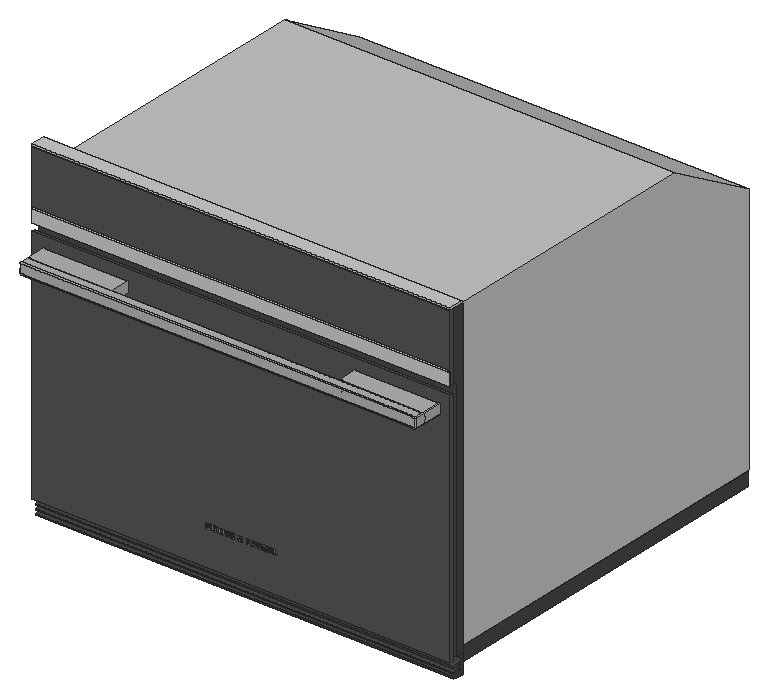
Revit family "FP_Revit_18_OS60NDB1_w_TK480NDB1_Steam_Oven_w_60cm_Trimkit_90000817A", category Specialty Equipment, Revit 2018
Family settings
  Round Connector Dimension = Use Diameter
  Part Type = Normal
  OmniClass Number = 23.40.40.14.17.31
  OmniClass Title = Small Specialized Cooking Equipment
  Work Plane-Based = No
  Always vertical = Yes
  Cut with Voids When Loaded = Yes
  Shared = No
  Room Calculation Point = No
Parameters (values of type "OS60NDB1 + TK480NDB1")
  Visibility - Clearance Required = yes
  URL = "www.fisherpaykel.com"
  Product - Width = 596 mm  # constant formula
  Product - Height = 478 mm  # constant formula
  Product - Depth = 614 mm  # constant formula
  Model = "OS60NDB1 + TK480NDB1"
  Material - Trim = Fisher & Paykel - Stainless Steel
  Material - Structure = Fisher & Paykel - Black
  Material - Handle = Fisher & Paykel - Aluminium
  Material - Glass = Fisher & Paykel - Glass, Black
  Material - Body = Fisher & Paykel - Grey
  Manufacturer = "Fisher & Paykel Appliances"
  FFL Offset [instance] = 900 mm
  Description = "60cm Steam Oven + 60cm Trimkit"
  Connector Description - Electrical = "220-240 V, 50 Hz, 14.5 A"
  Chassis - Width = 560 mm  # constant formula
  Chassis - Height = 466 mm  # constant formula
  Chassis - Depth = 542 mm  # constant formula
  Cavity - Width = 560 mm  # constant formula
  Cavity - Height = 480 mm  # constant formula
  Cavity - Depth = 560 mm  # constant formula
Reference planes
  plane 1 "Datum": y = 0
  plane 2: z = 0
  plane 3 "Center (Left/Right)": x = 0
  plane 4: z = 1380
  plane 5: z = 1378
  plane 6 "Product LHS": x = -298
  plane 7 "Product RHS": x = 298
  plane 8 "Product - Depth": y = 0
  plane 9 "Cavity LHS": x = -300
  plane 10 "Cavity RHS": x = 300
  plane 11 "Cavity - Depth": y = 560
  plane 12 "Chassis - Height": z = 0
  plane 13 "Product Depth": y = 542
  plane 14 "FFL Offset": z = 900
  plane 15 "Front": y = -22
Forms (mm)
  Extrusion 1, void
    sketch origin (0, 0, 0) x (0, 1, 0) y (0, 0, 1)
      loop
        line (-22, 1380) -> (-22, 900) -> (0, 900) -> (0, 1380) -> (-22, 1380)
    from -300 to 300
  Extrusion 2, void
    sketch origin (0, 0, 0) x (0, 1, 0) y (0, 0, 1)
      loop
        line (560, 1380) -> (0, 1380) -> (0, 900) -> (560, 900) -> (560, 1380)
    from -280 to 280
Text (mm)
  text "Due to ongoing product development, product details are subject to change without notice. \nPlease always refer to www.fisherpaykel.com for the most current product information. \n© Fisher & Paykel 2020" at (41.04, -413.295, 0), in view "Ref. Level (Plan)"
Dimensions and locks
  equal spacing: plane 6 "Product LHS", plane 3 "Center (Left/Right)", plane 7 "Product RHS"
  "Product - Width": plane 6 "Product LHS" to plane 7 "Product RHS"
  equal spacing: plane 9 "Cavity LHS", plane 3 "Center (Left/Right)", plane 10 "Cavity RHS"
  locked: plane 9 "Cavity LHS" to plane 10 "Cavity RHS" at 600
  "Chassis - Depth": plane 1 "Datum" to plane 13 "Product Depth"
  "FFL Offset": plane 14 "FFL Offset" to level
  "Cavity - Depth": plane 1 "Datum" to plane 11 "Cavity - Depth"
  "Product - Height": plane 5 to plane 14 "FFL Offset"
  "Cavity - Height": plane 4 to plane 14 "FFL Offset"
  "Cavity - Width": Extrusion 2 to Extrusion 2
  aligned and locked: level to plane 2
  aligned and locked: nested 2 to plane 8 "Product - Depth"
  aligned and locked: Extrusion 1 sketch curve to plane 8 "Product - Depth"
  aligned and locked: plane 14 "FFL Offset" to Extrusion 1 sketch curve
  aligned and locked: Extrusion 1 sketch curve to plane 4
  aligned and locked: Extrusion 1 to plane 10 "Cavity RHS"
  aligned and locked: plane 9 "Cavity LHS" to Extrusion 1
  aligned and locked: Extrusion 2 sketch curve to plane 8 "Product - Depth"
  aligned and locked: Extrusion 2 sketch curve to plane 14 "FFL Offset"
  aligned and locked: plane 11 "Cavity - Depth" to Extrusion 2 sketch curve
  aligned and locked: Extrusion 2 sketch curve to nested 2
  aligned and locked: Extrusion 1 to nested 1
  aligned and locked: plane 15 "Front" to Extrusion 1
Automatic sketch dimensions
  Extrusion 1 sketch curve to Extrusion 1 sketch curve = 22 mm
Nested families
  nested 1: "FP_Revit_18_OS60NDB1_Steam_Oven_90000817A" at (0, 0, 20), FFL Offset <- "FFL Offset", type "OM60NDB1"
    with FFL Offset 900 mm
  nested 2: "FP_Revit_18_TK480ND_Trimkits_90001188A" at (0, 0, 0), FFL Offset <- "FFL Offset", type "TK480NDB1"
    with FFL Offset 900 mm
Connectors
  electrical at (-193.854, 548.619, 959.454), driven by "Connector Description - Electrical"
    settings: on nested 1, index 1, voltage 230 V, apparent load 0 VA, apparent load phase1 0 VA, apparent load phase2 0 VA, apparent load phase3 0 VA, power factor 1, load classification "Other", number of poles 1, system type 30, power factor state 1, is connector primary yes, connector utility no, sub classification motor no, connector description "220-240 V, 50 Hz, 14.5 A"
Definition of nested family "FP_Revit_18_OS60NDB1_Steam_Oven_90000817A"
  Parameters (values of type "OS60NDBB1")
    Visibility - Clearance Required = yes
    URL = "www.fisherpaykel.com"
    Product - Width = 596 mm  # constant formula
    Product - Height = 458 mm  # constant formula
    Product - Depth = 562 mm  # constant formula
    Model = "OS60NDBB1"
    Material - Trim = none
    Material - Structure = none
    Material - Handle = none
    Material - Glass = none
    Material - Body = none
    Manufacturer = "Fisher & Paykel Appliances"
    FFL Offset [instance] = 900 mm
    Description = "60cm Steam Oven"
    Connector Description - Electrical = "220-240 V, 50 Hz, 14.5 A"
    Chassis - Width = 556 mm  # constant formula
    Chassis - Height = 446 mm  # constant formula
    Chassis - Depth = 540 mm  # constant formula
    Cavity - Width = 600 mm  # constant formula
    Cavity - Height = 460 mm  # constant formula
    Cavity - Depth = 560 mm  # constant formula
  Types (4, lengths in mm): name | Model | Description
    OS60NDB1 | "OS60NDB1" | "60cm Steam Oven"
    OM60NDB1 | "OM60NDB1" | "60cm Microwave Oven"
    OM60NDBB1 | "OM60NDBB1" | "60cm Microwave Oven"
    OS60NDBB1 | "OS60NDBB1" | "60cm Steam Oven"
  Reference planes
    plane 1 "Center (Front/Back)": y = 0
    plane 2: z = 0
    plane 3 "Center (Left/Right)": x = 0
    plane 4: z = 1360
    plane 5: z = 1358
    plane 6 "Product LHS": x = -298
    plane 7 "Product RHS": x = 298
    plane 8 "Product - Depth": y = 0
    plane 9 "Cavity LHS": x = -300
    plane 10 "Cavity RHS": x = 300
    plane 11 "Cavity - Depth": y = 560
    plane 12 "Front Face": y = -22
    plane 13 "Chassis - Height": z = 0
    plane 14 "Product Depth": y = 540
    plane 15 "FFL Offset": z = 900
  Forms (mm)
    Extrusion 1, solid, material <- "Material - Body"
      sketch origin (0, 0, 0) x (0, 1, 0) y (0, 0, 1)
        loop
          line (0, 1346) -> (0, 907.28) -> (5.16, 907.28) -> (5.16, 900) -> (534.187, 900) -> (534.187, 1257.991) -> (403.295, 1336.64) -> (24.316, 1336.64) -> (8.71, 1346) -> (0, 1346)
      from -278 to 278
    Extrusion 2, solid, material <- "Material - Structure", detail levels fine
      sketch origin (0, 0, 0) x (0, 1, 0) y (0, 0, 1)
        loop
          line (0, 1353.9) -> (-2, 1353.9) -> (-2, 1355) -> (-18, 1355) -> (-18, 1258) -> (-9.89, 1258) -> (-9.89, 907.28) -> (0, 907.28) -> (0, 1353.9)
      from -298 to 298
    Extrusion 3, solid, material <- "Material - Trim", detail levels fine
      sketch origin (0, 0, 0) x (0, 1, 0) y (0, 0, 1)
        loop
          line (-22, 1358) -> (-22, 1355) -> (-2, 1355) -> (-2, 1358) -> (-22, 1358)
      from -298 to 298
    Extrusion 4, solid, material <- "Material - Glass", detail levels fine
      sketch origin (0, 0, 0) x (0, 1, 0) y (0, 0, 1)
        loop
          line (-18, 1355) -> (-20.262, 1355)
          arc (-20.262, 1355) -> (-21.236, 1354.682) -> (-22, 1354) r 2.5
          line (-22, 1354) -> (-22, 1258) -> (-18, 1258) -> (-18, 1355)
      from -298 to 298
    Extrusion 5, solid, material <- "Material - Glass", detail levels fine
      sketch origin (0, 0, 0) x (0, 1, 0) y (0, 0, 1)
        loop
          line (-22, 1246.53) -> (-22, 904.53) -> (-18, 904.53) -> (-18, 1246.53) -> (-22, 1246.53)
      from -298 to 298
    Extrusion 6, solid, material <- "Material - Structure", detail levels fine
      sketch origin (0, 0, 0) x (0, 1, 0) y (0, 0, 1)
        loop
          line (-18, 1229.33) -> (-18, 907.28) -> (-9.89, 907.28) -> (-9.89, 1229.33) -> (-18, 1229.33)
      from -278 to 278
    Extrusion 7, void
      sketch origin (0, 0, 0) x (1, 0, 0) y (0, 0, 1)
        loop
          line (-158.462, 1052.91) -> (-229.24, 1052.91)
          arc (-229.24, 1052.91) -> (-232.776, 1051.446) -> (-234.24, 1047.91) r 5
          line (-234.24, 1047.91) -> (-234.24, 955.13)
          arc (-234.24, 955.13) -> (-232.776, 951.594) -> (-229.24, 950.13) r 5
          line (-229.24, 950.13) -> (-158.462, 950.13)
          arc (-158.462, 950.13) -> (-154.926, 951.594) -> (-153.462, 955.13) r 5
          line (-153.462, 955.13) -> (-153.462, 1047.91)
          arc (-153.462, 1047.91) -> (-154.926, 1051.446) -> (-158.462, 1052.91) r 5
      from -539.6 to -521.6
    Sweep 8, void
      path in 3D
        loop
          arc (-153.462, 521.6, 955.13) -> (-154.926, 521.6, 951.594) -> (-158.462, 521.6, 950.13) r 5
          line (-158.462, 521.6, 950.13) -> (-229.24, 521.6, 950.13)
          arc (-229.24, 521.6, 950.13) -> (-232.776, 521.6, 951.594) -> (-234.24, 521.6, 955.13) r 5
          line (-234.24, 521.6, 955.13) -> (-234.24, 521.6, 1047.91)
          arc (-234.24, 521.6, 1047.91) -> (-232.776, 521.6, 1051.446) -> (-229.24, 521.6, 1052.91) r 5
          line (-229.24, 521.6, 1052.91) -> (-158.462, 521.6, 1052.91)
          arc (-158.462, 521.6, 1052.91) -> (-154.926, 521.6, 1051.446) -> (-153.462, 521.6, 1047.91) r 5
          line (-153.462, 521.6, 1047.91) -> (-153.462, 521.6, 955.13)
      profile origin (-153.462, 521.6, 1001.52) x (-1, 0, 0) y (0, -1, 0)
        loop
          line (0, 0) -> (-21.3, -12.587) -> (0, -12.587) -> (0, 0)
    Extrusion 9, solid, material <- "Material - Body", detail levels medium+fine
      sketch origin (0, 0, -100) x (1, 0, 0) y (0, 0, 1)
        loop
          line (-175.354, 1115.273) -> (-212.354, 1115.273) -> (-212.354, 1057.273) -> (-175.354, 1057.273) -> (-175.354, 1115.273)
      from -540 to -521.6
    Extrusion 10, solid, material <- "Material - Trim", detail levels fine
      sketch origin (0, 0, 0) x (0, 1, 0) y (0, 0, 1)
        loop
          line (-22, 1258) -> (-22, 1277.8) -> (-22.8, 1277.8) -> (-23.7, 1275.5) -> (-23.7, 1258) -> (-22, 1258)
      from -298 to 298
    Extrusion 11, solid, visible <- "Visibility - Clearance Required", detail levels coarse
      sketch origin (0, 0, 0) x (1, 0, 0) y (0, 1, 0)
        loop
          line (-280, 0) -> (280, 0) -> (280, 548.619) -> (-280, 548.619) -> (-280, 0)
      from 900 to 1360
    Extrusion 12, solid, visible <- "Visibility - Clearance Required", detail levels coarse
      sketch origin (0, 0, 0) x (0, 1, 0) y (0, 0, 1)
        loop
          arc (-22, 1246.53) -> (-241.159, 1161.206) -> (-341.563, 948.532) r 317.644
          line (-341.563, 948.532) -> (-326.406, 946.445) -> (-332.106, 905.048) -> (-316.871, 902.951) -> (-311.171, 944.347) -> (-22, 904.53) -> (-22, 900) -> (0, 900) -> (0, 1360) -> (-22, 1360) -> (-22, 1246.53)
      from -300 to 300
    Sweep 13, solid, material <- "Material - Body", detail levels fine
      path origin (0, 0, -100) x (0, 1, 0) y (0, 0, 1)
        loop
          arc (530.8, 1057.273) -> (536.019, 1044.673) -> (548.619, 1039.454) r 17.819
      profile origin (0, 536.019, 944.673) x (0, 0.707107, 0.707107) y (1, 0, 0)
        loop
          circle (0, -193.854) r 5
    Extrusion 14, solid, material <- "Material - Glass", detail levels coarse+medium
      sketch origin (0, 0, 0) x (0, 1, 0) y (0, 0, 1)
        loop
          line (-22, 1358) -> (-22, 1258) -> (-9.89, 1258) -> (-9.89, 1229.33) -> (-18, 1229.33) -> (-18, 1246.53) -> (-22, 1246.53) -> (-22, 904.53) -> (-18, 904.53) -> (-18, 907.28) -> (0, 907.28) -> (0, 1353.9) -> (-2, 1353.9) -> (-2, 1358) -> (-22, 1358)
      from -298 to 298
    Extrusion 15, solid, material <- "Material - Body", not visible, detail levels medium+fine
      sketch origin (0, 0, 0) x (1, 0, 0) y (0, 0, 1)
        loop
          line (-175.354, 1115.273) -> (-212.354, 1115.273) -> (-212.354, 1057.273) -> (-175.354, 1057.273) -> (-175.354, 1115.273)
      from -540 to -521.6
    Sweep 16, solid, material <- "Material - Body", not visible, detail levels fine
      path origin (0, 0, 0) x (0, 1, 0) y (0, 0, 1)
        loop
          arc (530.8, 1057.273) -> (536.019, 1044.673) -> (548.619, 1039.454) r 17.819
      profile origin (0, 536.019, 1044.673) x (0, 0.707107, 0.707107) y (1, 0, 0)
        loop
          circle (0, -193.854) r 5
    Extrusion 17, void
      sketch origin (0, 0, 0) x (1, 0, 0) y (0, 1, 0)
        loop
          line (-280, 0) -> (280, 0) -> (280, 548.619) -> (-280, 548.619) -> (-280, 0)
      from 900 to 1360
    Extrusion 18, solid, visible <- "Visibility - Clearance Required", detail levels coarse
      sketch origin (0, 0, 0) x (0, 1, 0) y (0, 0, 1)
        loop
          arc (-22, 1246.53) -> (-241.159, 1161.206) -> (-341.563, 948.532) r 317.644
          line (-341.563, 948.532) -> (-326.406, 946.445) -> (-332.106, 905.048) -> (-316.871, 902.951) -> (-311.171, 944.347) -> (-22, 904.53) -> (-22, 900) -> (0, 900) -> (0, 1360) -> (-22, 1360) -> (-22, 1246.53)
      from -300 to 300
    Extrusion 19, void
      sketch origin (0, 0, 0) x (0, 1, 0) y (0, 0, 1)
        loop
          line (-22, 1360) -> (-22, 900) -> (0, 900) -> (0, 1360) -> (-22, 1360)
      from -300 to 300
  Cuts and joins
    Extrusion 7, Sweep 8 cuts Extrusion 1
    Extrusion 7 cuts Extrusion 2
    Extrusion 7 cuts Extrusion 5
    Extrusion 7 cuts Extrusion 6
  Lines and regions (mm)
    sketch lines
      curve 1: line (-153.462, 521.6, 1047.91) -> (-153.462, 521.6, 955.13)
      curve 2: arc (-153.462, 521.6, 1047.91) -> (-154.926, 521.6, 1051.446) -> (-158.462, 521.6, 1052.91) r 5
      curve 3: line (-229.24, 521.6, 1052.91) -> (-158.462, 521.6, 1052.91)
      curve 4: arc (-229.24, 521.6, 1052.91) -> (-232.776, 521.6, 1051.446) -> (-234.24, 521.6, 1047.91) r 5
      curve 5: line (-234.24, 521.6, 955.13) -> (-234.24, 521.6, 1047.91)
      curve 6: arc (-234.24, 521.6, 955.13) -> (-232.776, 521.6, 951.594) -> (-229.24, 521.6, 950.13) r 5
      curve 7: arc (-158.462, 521.6, 950.13) -> (-154.926, 521.6, 951.594) -> (-153.462, 521.6, 955.13) r 5
      curve 8: line (-158.462, 521.6, 950.13) -> (-229.24, 521.6, 950.13)
  Text (mm)
    text "Due to ongoing product development, product details are subject to change without notice. \nPlease always refer to www.fisherpaykel.com for the most current product information. \n© Fisher & Paykel 2020" at (41.04, -413.295, 0), in view "Ref. Level (Plan)"
  Dimensions and locks
    equal spacing: plane 6 "Product LHS", plane 3 "Center (Left/Right)", plane 7 "Product RHS"
    "Product - Width": plane 6 "Product LHS" to plane 7 "Product RHS"
    equal spacing: plane 9 "Cavity LHS", plane 3 "Center (Left/Right)", plane 10 "Cavity RHS"
    "Cavity - Width": plane 9 "Cavity LHS" to plane 10 "Cavity RHS"
    "Cavity - Depth": plane 11 "Cavity - Depth" to plane 1 "Center (Front/Back)"
    locked: plane 12 "Front Face" to plane 1 "Center (Front/Back)" at 22
    "Chassis - Depth": plane 1 "Center (Front/Back)" to plane 14 "Product Depth"
    Extrusion 1 sketch curve to plane 14 "Product Depth" = 5.813 mm
    equal spacing: cut or joined group of Extrusion 1, Extrusion 7, Sweep 8, plane 3 "Center (Left/Right)", cut or joined group of Extrusion 1, Extrusion 7, Sweep 8
    "Chassis - Width": cut or joined group of Extrusion 1, Extrusion 7, Sweep 8 to cut or joined group of Extrusion 1, Extrusion 7, Sweep 8
    "FFL Offset": plane 15 "FFL Offset" to level
    locked: nested 2 to plane 15 "FFL Offset" at 61.04
    locked: cut or joined group of Extrusion 1, Extrusion 7, Sweep 8 to plane 15 "FFL Offset" at 7.28
    locked: Extrusion 14 to plane 15 "FFL Offset" at 4.53
    locked: cut or joined group of Extrusion 1, Extrusion 7, Sweep 8 to plane 15 "FFL Offset" at 436.64
    "Chassis - Height": cut or joined group of Extrusion 1, Extrusion 7, Sweep 8 to plane 15 "FFL Offset"
    Extrusion 11 to plane 15 "FFL Offset" = 460 mm
    locked: plane 15 "FFL Offset" to Extrusion 9 at 57.273
    locked: plane 15 "FFL Offset" to cut or joined group of Extrusion 1, Extrusion 7, Sweep 8 at 50.13
    "Product - Height": plane 5 to plane 15 "FFL Offset"
    "Cavity - Height": plane 4 to plane 15 "FFL Offset"
    locked: nested 1 to plane 15 "FFL Offset" at 330.978
    locked: plane 5 to Extrusion 14 at 100
    locked: plane 5 to Extrusion 14 at 111.47
    locked: Extrusion 12 sketch curve to plane 15 "FFL Offset" at 4.53
    locked: plane 15 "FFL Offset" to Extrusion 7 sketch curve at 152.91
    locked: plane 15 "FFL Offset" to Extrusion 7 sketch curve at 50.13
    aligned and locked: level to plane 2
    aligned and locked: Extrusion 3 sketch curve to plane 5
    aligned and locked: plane 6 "Product LHS" to Extrusion 5
    aligned and locked: Extrusion 5 to plane 7 "Product RHS"
    aligned and locked: Extrusion 4 to plane 7 "Product RHS"
    aligned and locked: plane 6 "Product LHS" to Extrusion 4
    aligned and locked: plane 6 "Product LHS" to Extrusion 3
    aligned and locked: Extrusion 3 to plane 7 "Product RHS"
    aligned and locked: plane 6 "Product LHS" to Extrusion 2
    aligned and locked: Extrusion 2 to plane 7 "Product RHS"
    aligned and locked: plane 14 "Product Depth" to Extrusion 9
    aligned and locked: cut or joined group of Extrusion 1, Extrusion 7, Sweep 8 to Extrusion 9
    aligned and locked: Extrusion 10 to plane 7 "Product RHS"
    aligned and locked: plane 6 "Product LHS" to Extrusion 10
    aligned and locked: Extrusion 14 to plane 7 "Product RHS"
    aligned and locked: plane 6 "Product LHS" to Extrusion 14
    aligned and locked: Extrusion 1 to plane 15 "FFL Offset"
    aligned and locked: Extrusion 11 to cut or joined group of Extrusion 1, Extrusion 7, Sweep 8
    aligned and locked: Extrusion 14 to cut or joined group of Extrusion 1, Extrusion 7, Sweep 8
    aligned and locked: Extrusion 2 to cut or joined group of Extrusion 1, Extrusion 7, Sweep 8
    aligned and locked: Extrusion 6 to cut or joined group of Extrusion 1, Extrusion 7, Sweep 8
    aligned and locked: plane 5 to Extrusion 3
    aligned and locked: plane 5 to Extrusion 14
    aligned and locked: Extrusion 10 to Extrusion 4
    aligned and locked: Extrusion 14 to Extrusion 4
    aligned and locked: Extrusion 4 to cut or joined group of Extrusion 2, Extrusion 7
    aligned and locked: Extrusion 5 to Extrusion 14  (x2)
    aligned and locked: plane 4 to Extrusion 11
    aligned and locked: Extrusion 11 to Sweep 13
    aligned and locked: Extrusion 12 sketch curve to plane 15 "FFL Offset"
    aligned and locked: Extrusion 12 sketch curve to plane 4
    aligned and locked: plane 4 to Extrusion 17
    aligned and locked: Extrusion 17 to cut or joined group of Extrusion 1, Extrusion 7, Sweep 8
    aligned and locked: plane 15 "FFL Offset" to Extrusion 19 sketch curve
    aligned and locked: Extrusion 19 sketch curve to plane 4
  Automatic sketch dimensions
    Extrusion 9 sketch curve to Extrusion 9 sketch curve = 37 mm
    Extrusion 9 sketch curve to Extrusion 9 sketch curve = 58 mm
    Sweep 13 sketch curve to profile plane = 0 mm
    Sweep 13 sketch curve to Sweep 13 sketch curve = 17.819 mm
    Sweep 13 sketch curve to profile plane = 193.854 mm
    Extrusion 15 sketch curve to Extrusion 15 sketch curve = 37 mm
    Extrusion 15 sketch curve to Extrusion 15 sketch curve = 58 mm
    Sweep 16 sketch curve to profile plane = 0 mm
    Sweep 16 sketch curve to Sweep 16 sketch curve = 17.819 mm
    Sweep 16 sketch curve to profile plane = 193.854 mm
    Extrusion 1 sketch curve to plane 1 "Center (Front/Back)" = 0 mm
    Extrusion 1 sketch curve to plane 15 "FFL Offset" = 0 mm
    Extrusion 1 sketch curve to plane 1 "Center (Front/Back)" = 5.16 mm
    Extrusion 1 sketch curve to Extrusion 1 sketch curve = 8.71 mm
    Extrusion 1 sketch curve to Extrusion 1 sketch curve = 15.606 mm
    Extrusion 1 sketch curve to plane 5 = 21.36 mm
    Extrusion 1 sketch curve to plane 14 "Product Depth" = 136.705 mm
    Extrusion 1 sketch curve to Extrusion 1 sketch curve = 7.28 mm
    Extrusion 1 sketch curve to plane 5 = 100.009 mm
    Extrusion 1 sketch curve to plane 5 = 12 mm
    Extrusion 2 sketch curve to plane 1 "Center (Front/Back)" = 0 mm
    plane 1 "Center (Front/Back)" to Extrusion 2 sketch curve = 2 mm
    plane 1 "Center (Front/Back)" to Extrusion 2 sketch curve = 9.89 mm
    plane 12 "Front Face" to Extrusion 2 sketch curve = 4 mm
    plane 15 "FFL Offset" to Extrusion 2 sketch curve = 7.28 mm
    Extrusion 2 sketch curve to plane 5 = 100 mm
    Extrusion 2 sketch curve to plane 5 = 4.1 mm
    Extrusion 2 sketch curve to Extrusion 2 sketch curve = 1.1 mm
    Extrusion 3 sketch curve to plane 12 "Front Face" = 0 mm
    plane 1 "Center (Front/Back)" to Extrusion 3 sketch curve = 2 mm
    Extrusion 3 sketch curve to plane 5 = 3 mm
    Extrusion 4 sketch curve to plane 12 "Front Face" = 0 mm
    plane 12 "Front Face" to Extrusion 4 sketch curve = 1.738 mm
    plane 12 "Front Face" to Extrusion 4 sketch curve = 2.011 mm
    plane 12 "Front Face" to Extrusion 4 sketch curve = 4 mm
    Extrusion 4 sketch curve to plane 5 = 100 mm
    Extrusion 4 sketch curve to plane 5 = 5.485 mm
    Extrusion 4 sketch curve to Extrusion 4 sketch curve = 1.485 mm
    Extrusion 5 sketch curve to plane 12 "Front Face" = 0 mm
    plane 12 "Front Face" to Extrusion 5 sketch curve = 4 mm
    plane 15 "FFL Offset" to Extrusion 5 sketch curve = 4.53 mm
    Extrusion 5 sketch curve to plane 5 = 111.47 mm
    plane 12 "Front Face" to Extrusion 6 sketch curve = 4 mm
    Extrusion 6 sketch curve to Extrusion 6 sketch curve = 8.11 mm
    plane 15 "FFL Offset" to Extrusion 6 sketch curve = 7.28 mm
    Extrusion 6 sketch curve to plane 5 = 128.67 mm
    Extrusion 7 sketch curve to plane 6 "Product LHS" = 63.76 mm
    Extrusion 7 sketch curve to Extrusion 7 sketch curve = 5 mm  (x3)
    Extrusion 7 sketch curve to Extrusion 7 sketch curve = 70.778 mm  (x2)
    Sweep 8 sketch curve to profile plane = 0 mm  (x2)
    Sweep 8 sketch curve to profile plane = 21.3 mm
    profile plane to Sweep 8 sketch curve = 12.587 mm
    Extrusion 10 sketch curve to plane 12 "Front Face" = 0 mm
    Extrusion 10 sketch curve to Extrusion 10 sketch curve = 0.8 mm
    Extrusion 10 sketch curve to plane 12 "Front Face" = 1.7 mm
    Extrusion 10 sketch curve to plane 5 = 100 mm
    Extrusion 10 sketch curve to Extrusion 10 sketch curve = 17.5 mm
    Extrusion 10 sketch curve to Extrusion 10 sketch curve = 2.3 mm
    plane 1 "Center (Front/Back)" to Extrusion 11 sketch curve = 0 mm
    plane 14 "Product Depth" to Extrusion 11 sketch curve = 8.619 mm
    Extrusion 11 sketch curve to plane 6 "Product LHS" = 18 mm
    plane 7 "Product RHS" to Extrusion 11 sketch curve = 18 mm
    Extrusion 12 sketch curve to plane 12 "Front Face" = 0 mm  (x2)
    Extrusion 12 sketch curve to plane 1 "Center (Front/Back)" = 0 mm
    Extrusion 12 sketch curve to plane 12 "Front Face" = 2.526 mm
    plane 15 "FFL Offset" to Extrusion 12 sketch curve = 44.347 mm
    Extrusion 12 sketch curve to Extrusion 12 sketch curve = 286.644 mm
    plane 15 "FFL Offset" to Extrusion 12 sketch curve = 2.951 mm
    plane 15 "FFL Offset" to Extrusion 12 sketch curve = 46.445 mm
    Extrusion 12 sketch curve to Extrusion 12 sketch curve = 15.235 mm
    plane 15 "FFL Offset" to Extrusion 12 sketch curve = 48.532 mm
    Extrusion 12 sketch curve to Extrusion 12 sketch curve = 24.366 mm
    Extrusion 14 sketch curve to plane 5 = 0 mm
    Extrusion 14 sketch curve to plane 12 "Front Face" = 0 mm  (x2)
    Extrusion 14 sketch curve to plane 1 "Center (Front/Back)" = 0 mm
    plane 12 "Front Face" to Extrusion 14 sketch curve = 4 mm  (x2)
    plane 1 "Center (Front/Back)" to Extrusion 14 sketch curve = 9.89 mm
    plane 1 "Center (Front/Back)" to Extrusion 14 sketch curve = 2 mm
    Extrusion 14 sketch curve to plane 5 = 4.1 mm
    Extrusion 14 sketch curve to Extrusion 14 sketch curve = 95.9 mm
    Extrusion 14 sketch curve to Extrusion 14 sketch curve = 11.47 mm
    Extrusion 14 sketch curve to Extrusion 14 sketch curve = 17.2 mm
    plane 15 "FFL Offset" to Extrusion 14 sketch curve = 7.28 mm
    Extrusion 14 sketch curve to Extrusion 14 sketch curve = 2.75 mm
    plane 1 "Center (Front/Back)" to Extrusion 17 sketch curve = 0 mm
    plane 14 "Product Depth" to Extrusion 17 sketch curve = 8.619 mm
    Extrusion 17 sketch curve to plane 6 "Product LHS" = 18 mm
    plane 7 "Product RHS" to Extrusion 17 sketch curve = 18 mm
    Extrusion 18 sketch curve to plane 12 "Front Face" = 0 mm  (x2)
    Extrusion 18 sketch curve to plane 1 "Center (Front/Back)" = 0 mm
    Extrusion 18 sketch curve to plane 15 "FFL Offset" = 0 mm
    Extrusion 18 sketch curve to plane 4 = 0 mm
    Extrusion 18 sketch curve to plane 12 "Front Face" = 2.526 mm
    plane 15 "FFL Offset" to Extrusion 18 sketch curve = 44.347 mm
    Extrusion 18 sketch curve to Extrusion 18 sketch curve = 286.644 mm
    plane 15 "FFL Offset" to Extrusion 18 sketch curve = 2.951 mm
    Extrusion 18 sketch curve to Extrusion 18 sketch curve = 5.7 mm
    plane 15 "FFL Offset" to Extrusion 18 sketch curve = 46.445 mm
    Extrusion 18 sketch curve to Extrusion 18 sketch curve = 15.235 mm
    plane 15 "FFL Offset" to Extrusion 18 sketch curve = 48.532 mm
    Extrusion 18 sketch curve to Extrusion 18 sketch curve = 24.366 mm
    Extrusion 19 sketch curve to plane 12 "Front Face" = 0 mm
    Extrusion 19 sketch curve to plane 1 "Center (Front/Back)" = 0 mm
    radius of Sweep 13 sketch curve = 5 mm
    radius of Sweep 16 sketch curve = 5 mm
  Nested families
    nested 1: "F&P Handle Contemporary Square OB60-24" at (0, -22, 1223), type "Aluminium"
    nested 2: "F&P Logo 100mm" at (0, -22, 955), type "F&P Logo 100mm"
  Connectors
    electrical at (-193.854, 548.619, 939.454), driven by "Connector Description - Electrical"
      settings: on Sweep 13, index 1, voltage 120 V, apparent load 0 VA, apparent load phase1 0 VA, apparent load phase2 0 VA, apparent load phase3 0 VA, power factor 1, load classification none, number of poles 1, system type 30, power factor state 1, is connector primary yes, connector utility no, sub classification motor no, connector description "220-240 V, 50 Hz, 14.5 A"
  Definition of nested family "F&P Handle Contemporary Square OB60-24"
    Parameters (values of type "Aluminium Dark")
      URL = "www.fisherpaykel.com"
      Material - Handle = none
      Manufacturer = "Fisher & Paykel Appliances"
      Handle - Length = 565 mm
    Types (2): name
      Aluminium
      Aluminium Dark
    Reference planes
      plane 1 "Center (Front/Back)": y = 0
      plane 2: z = 0
      plane 3 "Center (Left/Right)": x = 0
      plane 4 "Product LHS": x = -282.5
      plane 5 "Product RHS": x = 282.5
      plane 6 "LHS Standoff": x = -162.495
      plane 7 "RHS Standoff": x = 162.505
    Forms (mm)
      Extrusion 1, solid, material <- "Material - Handle", detail levels fine
        sketch origin (0, 0, 0) x (0, 1, 0) y (0, 0, 1)
          loop
            arc (-28.701, 7.561) -> (-29.057, 7.868) -> (-29.514, 7.978) r 1
            line (-29.514, 7.978) -> (-40.5, 7.978)
            arc (-40.5, 7.978) -> (-41.561, 7.539) -> (-42, 6.478) r 1.5
            line (-42, 6.478) -> (-42, -6.522)
            arc (-42, -6.522) -> (-41.561, -7.583) -> (-40.5, -8.022) r 1.5
            line (-40.5, -8.022) -> (-29.487, -8.022)
            arc (-29.487, -8.022) -> (-29.029, -7.911) -> (-28.673, -7.602) r 1
            arc (-28.673, -7.602) -> (-26.256, -0.016) -> (-28.701, 7.561) r 13.038
        from -282.5 to 282.5
      Extrusion 2, solid, material <- "Material - Handle", detail levels fine
        sketch origin (0, 0, 0) x (0, 1, 0) y (0, 0, 1)
          loop
            arc (-28.23, 7.062) -> (-26.156, 0.008) -> (-28.198, -7.056) r 13.136
            arc (-28.198, -7.056) -> (-28.21, -7.463) -> (-27.86, -7.67) r 0.4
            line (-27.86, -7.67) -> (0, -7.67) -> (0, 7.678) -> (-27.893, 7.678)
            arc (-27.893, 7.678) -> (-28.244, 7.47) -> (-28.23, 7.062) r 0.4
        from 162.505 to 282.5
      Extrusion 3, solid, material <- "Material - Handle", detail levels fine
        sketch origin (0, 0, 0) x (0, 1, 0) y (0, 0, -1)
          loop
            arc (-28.23, -7.062) -> (-28.244, -7.47) -> (-27.893, -7.678) r 0.4
            line (-27.893, -7.678) -> (0, -7.678) -> (0, 7.67) -> (-27.86, 7.67)
            arc (-27.86, 7.67) -> (-28.21, 7.463) -> (-28.198, 7.056) r 0.4
            arc (-28.198, 7.056) -> (-26.156, -0.008) -> (-28.23, -7.062) r 13.136
        from 162.495 to 282.5
      Sweep 4, void
        path in 3D
          loop
            line (282.5, -29.514, 7.978) -> (282.5, -40.5, 7.978)
            arc (282.5, -40.5, 7.978) -> (282.5, -41.561, 7.539) -> (282.5, -42, 6.478) r 1.5
            line (282.5, -42, 6.478) -> (282.5, -42, -6.522)
            arc (282.5, -42, -6.522) -> (282.5, -41.561, -7.583) -> (282.5, -40.5, -8.022) r 1.5
            line (282.5, -40.5, -8.022) -> (282.5, -29.487, -8.022)
        profile origin (282.5, -35.007, 7.978) x (1, 0, 0) y (0, 0, 1)
          loop
            line (0, 0) -> (-1.3, 0) -> (0, -1.3) -> (0, 0)
      Sweep 5, void
        path in 3D
          loop
            line (-282.5, -29.487, -8.022) -> (-282.5, -40.5, -8.022)
            arc (-282.5, -40.5, -8.022) -> (-282.5, -41.561, -7.583) -> (-282.5, -42, -6.522) r 1.5
            line (-282.5, -42, -6.522) -> (-282.5, -42, 6.478)
            arc (-282.5, -42, 6.478) -> (-282.5, -41.561, 7.539) -> (-282.5, -40.5, 7.978) r 1.5
            line (-282.5, -40.5, 7.978) -> (-282.5, -29.514, 7.978)
        profile origin (-282.5, -35.007, 7.978) x (-1, 0, 0) y (0, 0, 1)
          loop
            line (0, 0) -> (-1.3, 0) -> (0, -1.3) -> (0, 0)
      Extrusion 6, void
        sketch origin (0, 0, 0) x (1, 0, 0) y (0, 0, 1)
          loop
            line (282.5, 7.978) -> (281.2, 7.978) -> (282.5, 6.678) -> (282.5, 7.978)
          loop
            line (282.5, -8.022) -> (282.5, -6.722) -> (281.2, -8.022) -> (282.5, -8.022)
        from 0 to 40
      Extrusion 7, void
        sketch origin (0, 0, 0) x (1, 0, 0) y (0, 0, 1)
          loop
            line (-282.5, 7.978) -> (-282.5, 6.678) -> (-281.2, 7.978) -> (-282.5, 7.978)
          loop
            line (-282.5, -8.022) -> (-281.2, -8.022) -> (-282.5, -6.722) -> (-282.5, -8.022)
        from 0 to 40
      Extrusion 8, solid, material <- "Material - Handle", detail levels coarse+medium
        sketch origin (0, 0, 0) x (1, 0, 0) y (0, 1, 0)
          loop
            line (-282.5, -42) -> (282.5, -42) -> (282.5, 0) -> (162.505, 0) -> (162.505, -26.156) -> (-162.495, -26.156) -> (-162.495, 0) -> (-282.5, 0) -> (-282.5, -42)
        from -8.022 to 7.978
    Cuts and joins
      Sweep 4, Sweep 5, Extrusion 6, Extrusion 7 cuts Extrusion 1
      Extrusion 6 cuts Extrusion 2
      Extrusion 7 cuts Extrusion 3
    Lines and regions (mm)
      sketch lines
        curve 1: line (282.5, -29.514, 7.978) -> (282.5, -40.5, 7.978)
        curve 2: arc (282.5, -42, 6.478) -> (282.5, -41.561, 7.539) -> (282.5, -40.5, 7.978) r 1.5
        curve 3: line (282.5, -42, 6.478) -> (282.5, -42, -6.522)
        curve 4: arc (282.5, -40.5, -8.022) -> (282.5, -41.561, -7.583) -> (282.5, -42, -6.522) r 1.5
        curve 5: line (282.5, -40.5, -8.022) -> (282.5, -29.487, -8.022)
        curve 6: line (-282.5, -40.5, 7.978) -> (-282.5, -29.514, 7.978)
        curve 7: arc (-282.5, -40.5, 7.978) -> (-282.5, -41.561, 7.539) -> (-282.5, -42, 6.478) r 1.5
        curve 8: line (-282.5, -42, -6.522) -> (-282.5, -42, 6.478)
        curve 9: arc (-282.5, -42, -6.522) -> (-282.5, -41.561, -7.583) -> (-282.5, -40.5, -8.022) r 1.5
        curve 10: line (-282.5, -29.487, -8.022) -> (-282.5, -40.5, -8.022)
    Dimensions and locks
      equal spacing: plane 4 "Product LHS", plane 3 "Center (Left/Right)", plane 5 "Product RHS"
      "Handle - Length": plane 4 "Product LHS" to plane 5 "Product RHS"
      locked: plane 4 "Product LHS" to plane 6 "LHS Standoff" at 120.005
      locked: plane 7 "RHS Standoff" to plane 5 "Product RHS" at 119.995
      aligned and locked: level to plane 2
      aligned and locked: Extrusion 1 to plane 5 "Product RHS"
      aligned and locked: plane 4 "Product LHS" to Extrusion 1
      aligned and locked: Extrusion 2 to plane 5 "Product RHS"
      aligned and locked: plane 4 "Product LHS" to Extrusion 3
      aligned and locked: plane 4 "Product LHS" to Extrusion 8 sketch curve
      aligned and locked: Extrusion 8 sketch curve to plane 5 "Product RHS"
      aligned and locked: Extrusion 8 sketch curve to plane 7 "RHS Standoff"
      aligned and locked: plane 6 "LHS Standoff" to Extrusion 8 sketch curve
      aligned and locked: Extrusion 2 to plane 7 "RHS Standoff"
      aligned and locked: plane 6 "LHS Standoff" to Extrusion 3
    Automatic sketch dimensions
      Extrusion 1 sketch curve to level = 6.522 mm
      plane 1 "Center (Front/Back)" to Extrusion 1 sketch curve = 42 mm
      Extrusion 1 sketch curve to Extrusion 1 sketch curve = 1.5 mm  (x2)
      Extrusion 1 sketch curve to level = 0.04 mm
      Extrusion 1 sketch curve to Extrusion 1 sketch curve = 1.206 mm
      level to Extrusion 1 sketch curve = 6.978 mm
      Extrusion 1 sketch curve to Extrusion 1 sketch curve = 10.986 mm
      Extrusion 1 sketch curve to Extrusion 1 sketch curve = 11.013 mm
      Extrusion 1 sketch curve to Extrusion 1 sketch curve = 1 mm
      level to Extrusion 1 sketch curve = 6.478 mm
      Extrusion 1 sketch curve to Extrusion 1 sketch curve = 0 mm
      Extrusion 2 sketch curve to plane 1 "Center (Front/Back)" = 0 mm
      Extrusion 2 sketch curve to level = 7.67 mm
      Extrusion 2 sketch curve to Extrusion 2 sketch curve = 27.86 mm
      level to Extrusion 2 sketch curve = 7.678 mm
      Extrusion 2 sketch curve to Extrusion 2 sketch curve = 0.033 mm
      Extrusion 2 sketch curve to level = 0.022 mm
      Extrusion 2 sketch curve to Extrusion 2 sketch curve = 11.398 mm
      Extrusion 2 sketch curve to Extrusion 2 sketch curve = 0.4 mm  (x2)
      Extrusion 2 sketch curve to Extrusion 2 sketch curve = 0 mm
      Extrusion 3 sketch curve to plane 1 "Center (Front/Back)" = 0 mm
      Extrusion 3 sketch curve to level = 7.67 mm
      Extrusion 3 sketch curve to Extrusion 3 sketch curve = 27.86 mm
      level to Extrusion 3 sketch curve = 7.678 mm
      Extrusion 3 sketch curve to Extrusion 3 sketch curve = 0.033 mm
      Extrusion 3 sketch curve to level = 0.022 mm
      Extrusion 3 sketch curve to Extrusion 3 sketch curve = 11.398 mm
      Extrusion 3 sketch curve to Extrusion 3 sketch curve = 0.4 mm  (x2)
      Extrusion 3 sketch curve to Extrusion 3 sketch curve = 0 mm
      profile plane to Sweep 4 sketch curve = 0 mm
      Sweep 4 sketch curve to profile plane = 0 mm
      Sweep 4 sketch curve to profile plane = 1.3 mm
      profile plane to Sweep 4 sketch curve = 1.3 mm
      Sweep 5 sketch curve to profile plane = 0 mm  (x2)
      profile plane to Sweep 5 sketch curve = 1.3 mm
      Sweep 5 sketch curve to profile plane = 1.3 mm
      plane 5 "Product RHS" to Extrusion 6 sketch curve = 0 mm  (x2)
      Extrusion 6 sketch curve to Extrusion 6 sketch curve = 1.3 mm  (x4)
      Extrusion 6 sketch curve to level = 6.722 mm
      level to Extrusion 6 sketch curve = 6.678 mm
      plane 4 "Product LHS" to Extrusion 7 sketch curve = 0 mm  (x2)
      Extrusion 7 sketch curve to plane 4 "Product LHS" = 1.3 mm  (x2)
      Extrusion 7 sketch curve to level = 8.022 mm
      level to Extrusion 7 sketch curve = 6.678 mm
      Extrusion 7 sketch curve to Extrusion 7 sketch curve = 1.3 mm  (x2)
      plane 1 "Center (Front/Back)" to Extrusion 8 sketch curve = 0 mm  (x2)
      Extrusion 8 sketch curve to Extrusion 8 sketch curve = 26.156 mm
      Extrusion 8 sketch curve to Extrusion 8 sketch curve = 42 mm
  Definition of nested family "F&P Logo 100mm"
    Parameters (values of type "F&P Logo 100mm")
      URL = "www.fisherpaykel.com"
      Material - Logo = none
      Manufacturer = "Fisher & Paykel Appliances"
    Reference planes
      plane 1 "Center (Front/Back)": y = 0
      plane 2: z = 0
      plane 3 "Center (Left/Right)": x = 0
    Forms (mm)
      Extrusion 1, solid, material <- "Material - Logo", detail levels fine
        sketch origin (0, 0, 0) x (1, 0, 0) y (0, 0, 1)
          loop
            line (-50.044, 0) -> (-48.47, 0) -> (-48.47, 2.138) -> (-46.011, 2.138) -> (-46.011, 3.472) -> (-48.47, 3.472) -> (-48.47, 4.712) -> (-45.795, 4.712) -> (-45.795, 6.04) -> (-50.044, 6.04) -> (-50.044, 0)
          loop
            line (-42.804, 6.04) -> (-42.804, 0) -> (-41.23, 0) -> (-41.23, 6.04) -> (-42.804, 6.04)
          loop
            line (-30.724, 6.04) -> (-30.724, 0) -> (-29.151, 0) -> (-29.151, 2.42) -> (-26.839, 2.42) -> (-26.839, 0) -> (-25.265, 0) -> (-25.265, 6.04) -> (-26.839, 6.04) -> (-26.839, 3.748) -> (-29.151, 3.748) -> (-29.151, 6.04) -> (-30.724, 6.04)
          loop
            line (-21.906, 6.04) -> (-21.906, 0) -> (-17.602, 0) -> (-17.602, 1.328) -> (-20.347, 1.328) -> (-20.347, 2.42) -> (-17.838, 2.42) -> (-17.838, 3.748) -> (-20.347, 3.748) -> (-20.347, 4.712) -> (-17.602, 4.712) -> (-17.602, 6.04) -> (-21.906, 6.04)
          loop
            line (45.667, 6.04) -> (45.667, 0) -> (49.956, 0) -> (49.956, 1.328) -> (47.241, 1.328) -> (47.241, 6.04) -> (45.667, 6.04)
          loop
            line (42.431, 6.04) -> (38.112, 6.04) -> (38.112, 0) -> (42.431, 0) -> (42.431, 1.328) -> (39.687, 1.328) -> (39.687, 2.42) -> (42.195, 2.42) -> (42.195, 3.748) -> (39.687, 3.748) -> (39.687, 4.712) -> (42.431, 4.712) -> (42.431, 6.04)
          loop
            line (33.451, 3.148) -> (35.683, 6.04) -> (33.844, 6.04) -> (31.915, 3.542) -> (31.915, 6.04) -> (30.342, 6.04) -> (30.342, 0) -> (31.915, 0) -> (31.915, 2.705) -> (33.903, 0) -> (35.763, 0) -> (33.451, 3.148)
          loop
            line (21.98, 6.04) -> (24.262, 2.42) -> (24.262, 0) -> (25.837, 0) -> (25.837, 2.341) -> (28.119, 6.04) -> (26.446, 6.04) -> (25.099, 3.707) -> (23.753, 6.04) -> (21.98, 6.04)
          loop
            line (18.479, 6.04) -> (16.983, 6.04) -> (14.524, 0) -> (16.069, 0) -> (16.501, 1.112) -> (18.921, 1.112) -> (19.354, 0) -> (20.938, 0) -> (18.479, 6.04)
          loop
            line (18.4, 2.439) -> (17.693, 4.174) -> (17.018, 2.439) -> (18.4, 2.439)
          loop
            line (8.031, 6.04) -> (8.031, 0) -> (9.605, 0) -> (9.605, 1.938) -> (10.599, 1.938)
            arc (10.599, 1.938) -> (12.65, 3.989) -> (10.599, 6.04) r 2.051
            line (10.599, 6.04) -> (8.031, 6.04)
          loop
            line (9.605, 4.712) -> (9.605, 3.197) -> (10.501, 3.197)
            arc (10.501, 3.197) -> (11.259, 3.954) -> (10.501, 4.712) r 0.757
            line (10.501, 4.712) -> (9.605, 4.712)
          loop
            line (-11.783, 6.04) -> (-14.366, 6.04) -> (-14.366, 0) -> (-12.792, 0) -> (-12.792, 1.336) -> (-11.992, 1.336) -> (-10.972, 0) -> (-9.153, 0) -> (-10.694, 1.973)
            arc (-10.694, 1.973) -> (-9.678, 4.424) -> (-11.783, 6.04) r 2.179
          loop
            line (-11.897, 4.712) -> (-12.792, 4.712) -> (-12.792, 3.053) -> (-11.897, 3.053)
            arc (-11.897, 3.053) -> (-11.068, 3.882) -> (-11.897, 4.712) r 0.83
          loop
            line (0.477, 4.712) -> (0.477, 6.153) -> (-3.575, 6.153) -> (-3.575, 4.851) -> (-2.974, 4.112)
            arc (-2.974, 4.112) -> (-3.51, 0.684) -> (-0.045, 0.512) r 2.334
            line (-0.045, 0.512) -> (0.46, -0.109) -> (2.246, -0.109) -> (0.86, 1.594) -> (2.061, 3.324) -> (0.443, 3.324) -> (-0.013, 2.667) -> (-1.677, 4.712) -> (0.477, 4.712)
          loop
            arc (-2.125, 3.068) -> (-2.269, 1.668) -> (-0.868, 1.524) r 0.996
            line (-0.868, 1.524) -> (-2.125, 3.068)
          loop
            line (-35.18, 3.634) -> (-36.516, 3.91)
            arc (-36.516, 3.91) -> (-37.049, 4.443) -> (-36.516, 4.976) r 0.533
            arc (-36.516, 4.976) -> (-35.235, 4.79) -> (-34.059, 4.248) r 4.505
            line (-34.059, 4.248) -> (-34.059, 5.743)
            arc (-34.059, 5.743) -> (-35.549, 6.179) -> (-37.1, 6.109) r 4.726
            arc (-37.1, 6.109) -> (-38.536, 4.335) -> (-37.1, 2.561) r 1.814
            line (-37.1, 2.561) -> (-35.754, 2.282)
            arc (-35.754, 2.282) -> (-35.221, 1.749) -> (-35.754, 1.216) r 0.533
            arc (-35.754, 1.216) -> (-37.035, 1.402) -> (-38.211, 1.945) r 4.505
            line (-38.211, 1.945) -> (-38.211, 0.449)
            arc (-38.211, 0.449) -> (-36.72, 0.013) -> (-35.169, 0.083) r 4.726
            arc (-35.169, 0.083) -> (-33.734, 1.863) -> (-35.18, 3.634) r 1.814
        from 0 to 0.8
    Dimensions and locks
      aligned and locked: level to plane 2
Definition of nested family "FP_Revit_18_TK480ND_Trimkits_90001188A"
  Parameters (values of type "TK480NDB1")
    Visibility - Clearance Required = yes
    URL = "www.fisherpaykel.com"
    Product - Width = 596 mm  # constant formula
    Product - Height = 478 mm  # constant formula
    Product - Depth = 551.5 mm  # constant formula
    Model = "TK480NDB1"
    Material - Body = none
    Manufacturer = "Fisher & Paykel Appliances"
    FFL Offset [instance] = 860 mm
    Description = "24\"/60cm Trim Kit"
    Chassis - Width = 560 mm  # constant formula
    Chassis - Height = 20 mm  # constant formula
    Chassis - Depth = 530 mm  # constant formula
    Cavity - Width = 600 mm  # constant formula
    Cavity - Height = 480 mm  # constant formula
    Cavity - Depth = 560 mm  # constant formula
  Reference planes
    plane 1 "Center (Front/Back)": y = 0
    plane 2: z = 0
    plane 3 "Center (Left/Right)": x = 0
    plane 4 "Cavity - Height": z = 1340
    plane 5 "Product - Height": z = 1338
    plane 6 "Product - Depth": y = 530
    plane 7 "Cavity - Depth": y = 560
    plane 8 "Chassis - Height": z = 880
    plane 9 "FFL Offset": z = 860
    plane 10 "Product - RHS": x = 298
    plane 11 "Cavity - RHS": x = 300
    plane 12 "Product - LHS": x = -298
    plane 13 "Cavity - LHS": x = -300
    plane 14 "Front - Face": y = -21.5
  Forms (mm)
    Extrusion 1, solid, material <- "Material - Body"
      sketch origin (0, 23.5, 0) x (1, 0, 0) y (0, 0, 1)
        loop
          line (280, 880) -> (200, 880) -> (200, 861) -> (176, 861) -> (176, 860) -> (280, 860) -> (280, 880)
        loop
          line (-280, 880) -> (-280, 860) -> (-176, 860) -> (-176, 861) -> (-200, 861) -> (-200, 880) -> (-280, 880)
      from -506.5 to 0
    Extrusion 2, solid, material <- "Material - Body", detail levels fine
      sketch origin (0, 23.5, 15) x (0, 1, 0) y (0, 0, 1)
        loop
          line (-23.654, 865) -> (-39.5, 861.049) -> (-39.5, 858.901) -> (-26, 862.392) -> (-26, 858.092) -> (-39.5, 854.601) -> (-39.5, 852.601) -> (-26, 856.092) -> (-26, 851.848) -> (-39.5, 848.356) -> (-39.5, 846.348) -> (-34.47, 845) -> (0, 845) -> (0, 865) -> (-23.654, 865)
      from -298 to 298
    Extrusion 3, void
      sketch origin (0, 23.5, 0) x (1, 0, 0) y (0, 1, 0)
        loop
          circle (-270, 70) r 5
        loop
          circle (-270, 460) r 5
        loop
          circle (270, 70) r 5
        loop
          circle (270, 460) r 5
      from 860 to 880
    Extrusion 4, void
      sketch origin (0, 23.5, 0) x (0, 1, 0) y (0, 0, 1)
        loop
          circle (460, 870) r 5
        loop
          circle (70, 870) r 5
      from -225 to 225
    Extrusion 5, solid, visible <- "Visibility - Clearance Required", detail levels coarse
      sketch origin (0, 0, 0) x (1, 0, 0) y (0, 1, 0)
        loop
          line (-280, 0) -> (280, 0) -> (280, 560) -> (-280, 560) -> (-280, 0)
      from 860 to 1330
    Extrusion 6, solid, visible <- "Visibility - Clearance Required", detail levels coarse
      sketch origin (0, 0, 0) x (1, 0, 0) y (0, 1, 0)
        loop
          line (-300, 0) -> (-300, -21.5) -> (300, -21.5) -> (300, 0) -> (-300, 0)
      from 860 to 1340
    Extrusion 7, void
      sketch origin (0, 0, 0) x (1, 0, 0) y (0, 1, 0)
        loop
          line (-280, 560) -> (-280, 0) -> (280, 0) -> (280, 560) -> (-280, 560)
      from 860 to 1330
    Extrusion 8, void
      sketch origin (0, 0, 0) x (1, 0, 0) y (0, 1, 0)
        loop
          line (-300, -21.5) -> (300, -21.5) -> (300, 0) -> (-300, 0) -> (-300, -21.5)
      from 860 to 1340
    Extrusion 9, solid, material <- "Material - Body", detail levels coarse+medium
      sketch origin (0, 23.5, 0) x (0, 1, 0) y (0, 0, 1)
        loop
          line (-39.5, 880) -> (-39.5, 860) -> (0, 860) -> (0, 880) -> (-39.5, 880)
      from -298 to 298
    Extrusion 10, void
      sketch origin (0, 23.5, 0) x (1, 0, 0) y (0, 1, 0)
        loop
          line (298, 0) -> (280, 0) -> (280, -23.5) -> (298, -23.5) -> (298, 0)
        loop
          line (-298, 0) -> (-298, -23.5) -> (-280, -23.5) -> (-280, 0) -> (-298, 0)
      from 860 to 880
  Cuts and joins
    Extrusion 3, Extrusion 4 cuts Extrusion 1
    Extrusion 10 cuts Extrusion 9
    Extrusion 10 cuts Extrusion 2
  Text (mm)
    text "Due to ongoing product development, product details are subject to change without notice. \nPlease always refer to www.fisherpaykel.com for the most current product information. \n© Fisher & Paykel 2020" at (41.04, -248.295, 0), in view "Ref. Level (Plan)"
  Dimensions and locks
    "Cavity - Depth": plane 7 "Cavity - Depth" to plane 1 "Center (Front/Back)"
    "Chassis - Depth": plane 6 "Product - Depth" to plane 1 "Center (Front/Back)"
    equal spacing: Extrusion 5, plane 3 "Center (Left/Right)", Extrusion 5
    "Chassis - Width": Extrusion 5 to Extrusion 5
    "Chassis - Height": plane 9 "FFL Offset" to plane 8 "Chassis - Height"
    "Product - Height": plane 5 "Product - Height" to plane 9 "FFL Offset"
    "Cavity - Height": plane 4 "Cavity - Height" to plane 9 "FFL Offset"
    Extrusion 4 sketch curve to plane 9 "FFL Offset" = 10 mm
    locked: plane 5 "Product - Height" to Extrusion 7 at 8
    "FFL Offset": plane 9 "FFL Offset" to level
    cut or joined group of Extrusion 1, Extrusion 3, Extrusion 4 to plane 9 "FFL Offset" = 10 mm
    equal spacing: plane 12 "Product - LHS", plane 3 "Center (Left/Right)", plane 10 "Product - RHS"
    equal spacing: plane 13 "Cavity - LHS", plane 3 "Center (Left/Right)", plane 11 "Cavity - RHS"
    "Cavity - Width": plane 13 "Cavity - LHS" to plane 11 "Cavity - RHS"
    "Product - Width": plane 12 "Product - LHS" to plane 10 "Product - RHS"
    locked: Extrusion 7 to plane 9 "FFL Offset" at 470
    "Product - Depth": cut or joined group of Extrusion 1, Extrusion 3, Extrusion 4 to plane 14 "Front - Face"
    locked: plane 14 "Front - Face" to plane 1 "Center (Front/Back)" at 21.5
    aligned and locked: level to plane 2
    aligned and locked: Extrusion 1 to plane 6 "Product - Depth"
    aligned and locked: plane 4 "Cavity - Height" to Extrusion 6
    aligned and locked: plane 4 "Cavity - Height" to Extrusion 8
    aligned and locked: plane 9 "FFL Offset" to Extrusion 1 sketch curve
    aligned and locked: plane 8 "Chassis - Height" to Extrusion 1 sketch curve
    aligned and locked: Extrusion 1 sketch curve to plane 8 "Chassis - Height"
    aligned and locked: Extrusion 1 sketch curve to plane 9 "FFL Offset"
    aligned and locked: Extrusion 5 to cut or joined group of Extrusion 1, Extrusion 3, Extrusion 4
    aligned and locked: Extrusion 5 to Extrusion 7
    aligned and locked: Extrusion 1 to Extrusion 3  (x2)
    aligned and locked: Extrusion 7 to cut or joined group of Extrusion 1, Extrusion 3, Extrusion 4
    aligned and locked: Extrusion 2 sketch curve to plane 8 "Chassis - Height"
    aligned and locked: Extrusion 2 sketch curve to plane 9 "FFL Offset"
    aligned and locked: Extrusion 8 to Extrusion 2
    aligned and locked: Extrusion 8 to cut or joined group of Extrusion 1, Extrusion 3, Extrusion 4
    aligned and locked: Extrusion 6 to Extrusion 2
    aligned and locked: Extrusion 9 sketch curve to Extrusion 5
    aligned and locked: plane 13 "Cavity - LHS" to Extrusion 8
    aligned and locked: plane 11 "Cavity - RHS" to Extrusion 8
    aligned and locked: plane 13 "Cavity - LHS" to Extrusion 6
    aligned and locked: plane 12 "Product - LHS" to Extrusion 2
    aligned and locked: Extrusion 6 to plane 11 "Cavity - RHS"
    aligned and locked: Extrusion 9 to plane 10 "Product - RHS"
    aligned and locked: Extrusion 2 to plane 10 "Product - RHS"
    aligned and locked: Extrusion 10 sketch curve to Extrusion 7
    aligned and locked: Extrusion 10 sketch curve to Extrusion 10 sketch curve
    aligned and locked: Extrusion 7 to Extrusion 10 sketch curve
    aligned and locked: Extrusion 10 to plane 9 "FFL Offset"
    aligned and locked: Extrusion 10 to plane 8 "Chassis - Height"
    aligned and locked: plane 14 "Front - Face" to Extrusion 8
    aligned and locked: plane 14 "Front - Face" to Extrusion 6
  Automatic sketch dimensions
    Extrusion 3 sketch curve to plane 1 "Center (Front/Back)" = 93.5 mm  (x2)
    Extrusion 3 sketch curve to plane 6 "Product - Depth" = 46.5 mm  (x2)
    Extrusion 5 sketch curve to plane 7 "Cavity - Depth" = 0 mm
    plane 1 "Center (Front/Back)" to Extrusion 5 sketch curve = 0 mm
    plane 1 "Center (Front/Back)" to Extrusion 6 sketch curve = 0 mm
    plane 1 "Center (Front/Back)" to Extrusion 7 sketch curve = 0 mm
    Extrusion 7 sketch curve to plane 7 "Cavity - Depth" = 0 mm
    Extrusion 8 sketch curve to Extrusion 8 sketch curve = 21.5 mm
    plane 9 "FFL Offset" to Extrusion 1 sketch curve = 1 mm  (x2)
    Extrusion 1 sketch curve to Extrusion 1 sketch curve = 80 mm  (x2)
    Extrusion 1 sketch curve to Extrusion 1 sketch curve = 24 mm  (x2)
    plane 3 "Center (Left/Right)" to Extrusion 1 sketch curve = 176 mm
    plane 8 "Chassis - Height" to Extrusion 2 sketch curve = 2.608 mm
    Extrusion 2 sketch curve to Extrusion 2 sketch curve = 2.346 mm
    Extrusion 2 sketch curve to Extrusion 2 sketch curve = 0 mm  (x3)
    plane 9 "FFL Offset" to Extrusion 2 sketch curve = 1.348 mm
    Extrusion 2 sketch curve to Extrusion 2 sketch curve = 2.009 mm
    plane 9 "FFL Offset" to Extrusion 2 sketch curve = 6.848 mm
    Extrusion 2 sketch curve to Extrusion 2 sketch curve = 4.244 mm  (x2)
    Extrusion 2 sketch curve to Extrusion 2 sketch curve = 2 mm  (x2)
    Extrusion 2 sketch curve to Extrusion 2 sketch curve = 4.3 mm
    Extrusion 2 sketch curve to Extrusion 2 sketch curve = 2.148 mm
    Extrusion 4 sketch curve to plane 6 "Product - Depth" = 46.5 mm
    plane 8 "Chassis - Height" to Extrusion 4 sketch curve = 10 mm
    Extrusion 4 sketch curve to plane 1 "Center (Front/Back)" = 93.5 mm
    plane 3 "Center (Left/Right)" to Extrusion 3 sketch curve = 270 mm  (x2)
    plane 3 "Center (Left/Right)" to Extrusion 5 sketch curve = 280 mm
    plane 3 "Center (Left/Right)" to Extrusion 6 sketch curve = 300 mm
    plane 3 "Center (Left/Right)" to Extrusion 7 sketch curve = 280 mm
    plane 3 "Center (Left/Right)" to Extrusion 8 sketch curve = 300 mm
    Extrusion 1 sketch curve to plane 3 "Center (Left/Right)" = 176 mm
    Extrusion 3 sketch curve to plane 3 "Center (Left/Right)" = 270 mm  (x2)
    Extrusion 5 sketch curve to plane 3 "Center (Left/Right)" = 280 mm
    Extrusion 6 sketch curve to plane 3 "Center (Left/Right)" = 300 mm
    Extrusion 7 sketch curve to plane 3 "Center (Left/Right)" = 280 mm
    Extrusion 8 sketch curve to plane 3 "Center (Left/Right)" = 300 mm
    plane 8 "Chassis - Height" to Extrusion 9 sketch curve = 0 mm
    Extrusion 10 sketch curve to plane 12 "Product - LHS" = 0 mm
    Extrusion 10 sketch curve to plane 10 "Product - RHS" = 0 mm
    Extrusion 2 sketch curve to plane 1 "Center (Front/Back)" = 23.5 mm
    Extrusion 9 sketch curve to plane 1 "Center (Front/Back)" = 23.5 mm
    Extrusion 10 sketch curve to Extrusion 10 sketch curve = 23.5 mm  (x2)
    plane 1 "Center (Front/Back)" to Extrusion 2 sketch curve = 0.154 mm
    Extrusion 2 sketch curve to Extrusion 2 sketch curve = 8.47 mm
    Extrusion 2 sketch curve to Extrusion 2 sketch curve = 5.03 mm
    plane 1 "Center (Front/Back)" to Extrusion 6 sketch curve = 21.5 mm
    plane 1 "Center (Front/Back)" to Extrusion 8 sketch curve = 0 mm
    plane 1 "Center (Front/Back)" to Extrusion 9 sketch curve = 16 mm
    plane 1 "Center (Front/Back)" to Extrusion 10 sketch curve = 0 mm
    radius of Extrusion 3 sketch curve = 5 mm  (x4)
    radius of Extrusion 4 sketch curve = 5 mm  (x2)
